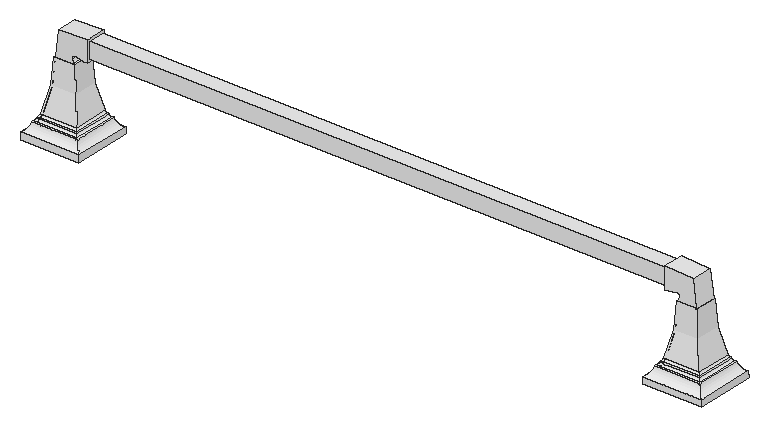
Revit family "Towel_Bar-American_Standard-TS_Series-74550XX", category Specialty Equipment, host Face, Revit 2019
Family settings
  Host = Face
  Round Connector Dimension = Use Diameter
  Part Type = Normal
  OmniClass Number = 23.40.20.21.27
  OmniClass Title = Towel Bars
  Cut with Voids When Loaded = No
  Shared = Yes
  Room Calculation Point = No
Parameters (values of type "7455024.002")
  Width = 3 7/16"  # constant formula
  Warranty Information = "Limited lifetime warranty"  # constant formula
  URL = "https://www.americanstandard-us.com/"
  Type Comments = ""
  Revised Date = "02/26/2024"  # constant formula
  Product Page URL = "https://www.americanstandard-us.com/towel-bars/town-square-s-24-inch-towel-bar/chrome-7455024002"
  Product Documentation Link = "https://lixil.cdn.celum.cloud/168926_spec_7455018-024_Town_Square_S_accessories_towel_bars_original.pdf"
  Model = "7455024.002"
  Material = "Metal-American Standard-002-Polished Chrome"
  Manufacturer = "American Standard"  # constant formula
  Length = 26 1/4"
  Installation Type = "Wall Mounted"  # constant formula
  Height = 2 1/4"  # constant formula
  Finish = Metal-American Standard-002-Polished Chrome
  Description = "Town Square® S 24-Inch Towel Bar"
  Default Elevation = 48"  # constant formula
  Creation Date = "05/07/2018"  # constant formula
  Assembly Code = "C1030220"
Types (12): name | Product Page URL | Model | Material | Length | Finish | Description
  (no name) | "https://www.americanstandard-us.com/towel-bars/town-square-s-24-inch-towel-bar/chrome-7455024002" | "7455024.002" | "Metal-American Standard-002-Polished Chrome" | 26 1/4" | Metal-American Standard-002-Polished Chrome | "Town Square® S 24-Inch Towel Bar"
  7455018.002 | "https://www.americanstandard-us.com/towel-bars/town-square-s-18-inch-towel-bar/chrome-7455018002" | "7455018.002" | "Metal-American Standard-002-Polished Chrome" | 20 1/4" | Metal-American Standard-002-Polished Chrome | "Town Square® S 18-Inch Towel Bar"
  7455024.002 | "https://www.americanstandard-us.com/towel-bars/town-square-s-24-inch-towel-bar/chrome-7455024002" | "7455024.002" | "Metal-American Standard-002-Polished Chrome" | 26 1/4" | Metal-American Standard-002-Polished Chrome | "Town Square® S 24-Inch Towel Bar"
  7455024.295 | "https://www.americanstandard-us.com/towel-bars/town-square-s-24-inch-towel-bar/brushed-nickel-7455024295" | "7455024.295" | "Metal-American Standard-295-Brushed Nickel" | 26 1/4" | Metal-American Standard-295-Brushed Nickel | "Town Square® S 24-Inch Towel Bar"
  7455024.243 | "https://www.americanstandard-us.com/towel-bars/town-square-s-24-inch-towel-bar/matte-black-7455024243" | "7455024.243" | "Metal-American Standard-243-Matte Black" | 26 1/4" | Metal-American Standard-243-Matte Black | "Town Square® S 24-Inch Towel Bar"
  7455024.GN0 | "https://www.americanstandard-us.com/towel-bars/town-square-s-24-inch-towel-bar/grohe-brushed-cool-sunrise-7455024gn0" | "7455024.GN0" | "Metal-American Standard-GN0-Brushed Cool Sunrise" | 26 1/4" | Metal-American Standard-GN0-Brushed Cool Sunrise | "Town Square® S 24-Inch Towel Bar"
  7455024.013 | "https://www.americanstandard-us.com/towel-bars/town-square-s-24-inch-towel-bar/polished-nickel-7455024013" | "7455024.013" | "Metal-American Standard-013-Polished Nickel" | 26 1/4" | Metal-American Standard-013-Polished Nickel | "Town Square® S 24-Inch Towel Bar"
  7455018.243 | "https://www.americanstandard-us.com/towel-bars/town-square-s-18-inch-towel-bar/matte-black-7455018243" | "7455018.243" | "Metal-American Standard-243-Matte Black" | 20 1/4" | Metal-American Standard-243-Matte Black | "Town Square® S 18-Inch Towel Bar"
  7455018.GN0 | "https://www.americanstandard-us.com/towel-bars/town-square-s-18-inch-towel-bar/grohe-brushed-cool-sunrise-7455018gn0" | "7455018.GN0" | "Metal-American Standard-GN0-Brushed Cool Sunrise" | 20 1/4" | Metal-American Standard-GN0-Brushed Cool Sunrise | "Town Square® S 18-Inch Towel Bar"
  7455018.013 | "https://www.americanstandard-us.com/towel-bars/town-square-s-18-inch-towel-bar/polished-nickel-7455018013" | "7455018.013" | "Metal-American Standard-013-Polished Nickel" | 20 1/4" | Metal-American Standard-013-Polished Nickel | "Town Square® S 18-Inch Towel Bar"
  7455018.295 | "https://www.americanstandard-us.com/towel-bars/town-square-s-18-inch-towel-bar/brushed-nickel-7455018295" | "7455018.295" | "Metal-American Standard-295-Brushed Nickel" | 20 1/4" | Metal-American Standard-295-Brushed Nickel | "Town Square® S 18-Inch Towel Bar"
  7455018.278 | "https://www.americanstandard-us.com/towel-bars/town-square-s-18-inch-towel-bar/legacy-bronze-7455018278" | "7455018.278" | "Metal-American Standard-278-Legacy Bronze" | 20 1/4" | Metal-American Standard-278-Legacy Bronze | "Town Square® S 18-Inch Towel Bar"
Reference planes (in)
  plane 1 "Center (Front/Back)": y = 0
  plane 2: z = 0
  plane 3 "Center (Left/Right)": x = 0
  plane 4: y = 1.125
  plane 5: y = -1.125
  plane 6: x = -13.125
  plane 7: z = 3.4375
  plane 8: y = -0.3125
  plane 9: y = 0.3125
  plane 10: x = 13.125
  plane 11: z = 3.7375
  plane 12: z = 3.125
  plane 13: x = -12
  plane 14: x = 12
  plane 15: x = -10.875
  plane 16: x = 10.875
  plane 17: x = 11.13567
  plane 18: x = -11.13031
Forms (in)
  Extrusion 1, solid, material "Metal-American Standard-002-Polished Chrome" <- "Finish"
    sketch origin (0, 0, 0) x (1, 0, 0) y (0, 1, 0)
      loop
        line (11.13567, 0.3125) -> (-11.13031, 0.3125) -> (-11.13031, -0.3125) -> (11.13567, -0.3125) -> (11.13567, 0.3125)
    from 3.125 to 3.7375
  Sweep 2, solid, material "Metal-American Standard-002-Polished Chrome" <- "Finish"
    path origin (-0.01562, 0, 0) x (1, 0, 0) y (0, 0, 1)
      loop
        line (11.15129, 3.43125) -> (12, 3.43125) -> (12, 2.79743)
    profile origin (11.56002, 0, 3.43125) x (0, 0, 1) y (0, -1, 0)
      loop
        line (0.43125, 0.38739) -> (-0.4625, 0.38739) -> (-0.4625, -0.39103) -> (0.43125, -0.39103) -> (0.43125, 0.38739)
  Sweep 3, solid, material "Metal-American Standard-002-Polished Chrome" <- "Finish"
    path origin (0.02099, 0, 0) x (-1, 0, 0) y (0, 0, 1)
      loop
        line (11.15129, 3.43125) -> (12, 3.43125) -> (12, 2.79743)
    profile origin (-11.55466, 0, 3.43125) x (0, 0, -1) y (0, -1, 0)
      loop
        line (-0.43125, 0.38739) -> (-0.43125, -0.39103) -> (0.4625, -0.39103) -> (0.4625, 0.38739) -> (-0.43125, 0.38739)
  Sweep 4, solid, material "Metal-American Standard-002-Polished Chrome" <- "Finish"
    path origin (0, 0, 0) x (1, 0, 0) y (0, 1, 0)
      loop
        line (-13.125, 1.125) -> (-13.125, -1.125) -> (-10.875, -1.125) -> (-10.875, 1.125) -> (-13.125, 1.125)
    profile origin (-12, 1.125, 0) x (0, 1, 0) y (0, 0, 1)
      loop
        line (-0.16444, 0) -> (0, 0) -> (0, 0.25)
        arc (0, 0.25) -> (-0.16077, 0.38802) -> (-0.24972, 0.58034) r 0.49863
        arc (-0.24972, 0.58034) -> (-0.26706, 0.60819) -> (-0.29801, 0.61906) r 0.04947
        arc (-0.29801, 0.61906) -> (-0.33901, 0.65191) -> (-0.35889, 0.70054) r 0.10468
        arc (-0.35889, 0.70054) -> (-0.36552, 0.72808) -> (-0.3776, 0.7537) r 0.13916
        arc (-0.3776, 0.7537) -> (-0.41929, 0.79484) -> (-0.44006, 0.8496) r 0.13745
        arc (-0.44006, 0.8496) -> (-0.64837, 1.81341) -> (-0.71204, 2.79743) r 6.65793
        line (-0.71204, 2.79743) -> (-0.75613, 2.79743)
        arc (-0.75613, 2.79743) -> (-0.62387, 1.36411) -> (-0.16444, 0) r 6.19579
  Sweep 5, solid, material "Metal-American Standard-002-Polished Chrome" <- "Finish"
    path origin (24.02344, 0.00241, 0) x (1, 0, 0) y (0, 1, 0)
      loop
        line (-13.14844, 1.12259) -> (-13.14844, -1.12741) -> (-10.89844, -1.12741) -> (-10.89844, 1.12259) -> (-13.14844, 1.12259)
    profile origin (12, 1.125, 0) x (0, 1, 0) y (0, 0, 1)
      loop
        line (-0.16444, 0) -> (0, 0) -> (0, 0.25)
        arc (0, 0.25) -> (-0.16077, 0.38802) -> (-0.24972, 0.58034) r 0.49863
        arc (-0.24972, 0.58034) -> (-0.26706, 0.60819) -> (-0.29801, 0.61906) r 0.04947
        arc (-0.29801, 0.61906) -> (-0.33901, 0.65191) -> (-0.35889, 0.70054) r 0.10468
        arc (-0.35889, 0.70054) -> (-0.36552, 0.72808) -> (-0.3776, 0.7537) r 0.13916
        arc (-0.3776, 0.7537) -> (-0.41929, 0.79484) -> (-0.44006, 0.8496) r 0.13745
        arc (-0.44006, 0.8496) -> (-0.64837, 1.81341) -> (-0.71204, 2.79743) r 6.65793
        line (-0.71204, 2.79743) -> (-0.75613, 2.79743)
        arc (-0.75613, 2.79743) -> (-0.62387, 1.36411) -> (-0.16444, 0) r 6.19579
  Extrusion 6, void
    sketch origin (-1.05602, 0, -0.96066) x (1, 0, 0) y (0, 0, 1)
      loop
        arc (12.75981, 3.94825) -> (12.73622, 4.0193) -> (12.66668, 4.04701) r 0.08873
        arc (12.66668, 4.04701) -> (12.49651, 4.02338) -> (12.33247, 3.97236) r 1.05172
        line (12.33247, 3.97236) -> (12.19169, 3.97236) -> (12.19169, 3.92941) -> (12.57789, 3.92941) -> (12.57789, 3.75809) -> (12.66434, 3.75809) -> (12.70171, 3.79486)
        arc (12.70171, 3.79486) -> (12.73997, 3.86807) -> (12.75981, 3.94825) r 0.3464
    from -0.39103 to 0.38739
  Extrusion 7, void
    sketch origin (1.06138, 0, -0.96066) x (-1, 0, 0) y (0, 0, -1)
      loop
        arc (12.75981, -3.94825) -> (12.73997, -3.86807) -> (12.70171, -3.79486) r 0.3464
        line (12.70171, -3.79486) -> (12.66434, -3.75809) -> (12.57789, -3.75809) -> (12.57789, -3.92941) -> (12.19169, -3.92941) -> (12.19169, -3.97236) -> (12.33247, -3.97236)
        arc (12.33247, -3.97236) -> (12.49651, -4.02338) -> (12.66668, -4.04701) r 1.05172
        arc (12.66668, -4.04701) -> (12.73622, -4.0193) -> (12.75981, -3.94825) r 0.08873
    from -0.39103 to 0.38739
  Extrusion 8, void
    sketch origin (0, 0, 0) x (1, 0, 0) y (0, 0, 1)
      loop
        line (11.13567, 3.8625) -> (11.13567, 3.83004) -> (12.23275, 3.77254) -> (12.36887, 2.79743) -> (12.41563, 2.79743) -> (12.41563, 3.8625) -> (11.13567, 3.8625)
    from -0.39103 to 0.38739
  Extrusion 9, void
    sketch origin (0.00536, 0, 0) x (-1, 0, 0) y (0, 0, -1)
      loop
        line (11.13567, -3.8625) -> (12.41563, -3.8625) -> (12.41563, -2.79743) -> (12.36887, -2.79743) -> (12.23275, -3.77254) -> (11.13567, -3.83004) -> (11.13567, -3.8625)
    from -0.39103 to 0.38739
Cuts and joins
  Extrusion 6, Extrusion 8 cuts Sweep 2
  Extrusion 7 cuts Sweep 5
  joined: Extrusion 1, Sweep 2, Sweep 4, Sweep 5
  Extrusion 7, Extrusion 9 cuts Sweep 3
Lines and regions (in)
  Masking region 1
    outline origin (0, 0, 0) x (1, 0, 0) y (0, 0, 1)
      loop
        spline (12.87466, 0.58316) -> (12.87217, 0.58878) -> (12.86932, 0.59404) -> (12.86613, 0.5989) -> (12.86264, 0.60331) -> (12.85887, 0.60723) -> (12.85487, 0.61063) -> (12.85066, 0.61347) -> (12.84628, 0.61573) -> (12.84178, 0.61739) -> (12.8372, 0.61843) -> (12.83257, 0.61885) -> (12.82795, 0.61864)
        arc (12.82795, 0.61864) -> (12.7863, 0.65149) -> (12.76611, 0.70054) r 0.10468
        arc (12.76611, 0.70054) -> (12.75948, 0.72808) -> (12.7474, 0.7537) r 0.13916
        arc (12.7474, 0.7537) -> (12.70571, 0.79484) -> (12.68494, 0.8496) r 0.13745
        arc (12.68494, 0.8496) -> (12.47663, 1.81341) -> (12.41296, 2.79743) r 6.65793
        line (12.41296, 2.79743) -> (11.58704, 2.79743)
        arc (11.58704, 2.79743) -> (11.52337, 1.81341) -> (11.31506, 0.8496) r 6.65793
        arc (11.31506, 0.8496) -> (11.29429, 0.79484) -> (11.2526, 0.7537) r 0.13745
        arc (11.2526, 0.7537) -> (11.24052, 0.72808) -> (11.23389, 0.70054) r 0.13916
        arc (11.23389, 0.70054) -> (11.21401, 0.65191) -> (11.17301, 0.61906) r 0.10468
        arc (11.17301, 0.61906) -> (11.14206, 0.60819) -> (11.12472, 0.58034) r 0.04947
        arc (11.12472, 0.58034) -> (11.03577, 0.38802) -> (10.875, 0.25) r 0.49863
        line (10.875, 0.25) -> (10.875, 0) -> (13.125, 0) -> (13.125, 0.25)
        arc (13.125, 0.25) -> (12.96336, 0.38917) -> (12.87466, 0.58316) r 0.49863
      loop
        line (-10.875, 0) -> (-10.875, 0.25)
        arc (-10.875, 0.25) -> (-11.03664, 0.38917) -> (-11.12534, 0.58316) r 0.49863
        spline (-11.12534, 0.58316) -> (-11.12783, 0.58878) -> (-11.13068, 0.59404) -> (-11.13387, 0.5989) -> (-11.13736, 0.60331) -> (-11.14113, 0.60723) -> (-11.14513, 0.61063) -> (-11.14934, 0.61347) -> (-11.15372, 0.61573) -> (-11.15822, 0.61739) -> (-11.1628, 0.61843) -> (-11.16743, 0.61885) -> (-11.17205, 0.61864)
        arc (-11.17205, 0.61864) -> (-11.2137, 0.65149) -> (-11.23389, 0.70054) r 0.10468
        arc (-11.23389, 0.70054) -> (-11.24052, 0.72808) -> (-11.2526, 0.7537) r 0.13916
        arc (-11.2526, 0.7537) -> (-11.29429, 0.79484) -> (-11.31506, 0.8496) r 0.13745
        arc (-11.31506, 0.8496) -> (-11.52337, 1.81341) -> (-11.58704, 2.79743) r 6.65793
        line (-11.58704, 2.79743) -> (-12.41296, 2.79743)
        arc (-12.41296, 2.79743) -> (-12.47663, 1.81341) -> (-12.68494, 0.8496) r 6.65793
        arc (-12.68494, 0.8496) -> (-12.70571, 0.79484) -> (-12.7474, 0.7537) r 0.13745
        arc (-12.7474, 0.7537) -> (-12.75948, 0.72808) -> (-12.76611, 0.70054) r 0.13916
        arc (-12.76611, 0.70054) -> (-12.78631, 0.65149) -> (-12.82795, 0.61864) r 0.10468
        spline (-12.82795, 0.61864) -> (-12.83264, 0.61885) -> (-12.83731, 0.61844) -> (-12.84193, 0.61741) -> (-12.84646, 0.61576) -> (-12.85084, 0.61352) -> (-12.85505, 0.6107) -> (-12.85904, 0.60733) -> (-12.86279, 0.60345) -> (-12.86624, 0.59907) -> (-12.86938, 0.59425) -> (-12.87218, 0.58902) -> (-12.8746, 0.58344)
        arc (-12.8746, 0.58344) -> (-12.96327, 0.38929) -> (-13.125, 0.25) r 0.49863
        line (-13.125, 0.25) -> (-13.125, 0) -> (-10.875, 0)
  Masking region 2
    outline origin (0, 0, 0) x (1, 0, 0) y (0, 0, 1)
      loop
        line (11.13567, 3.7375) -> (-11.13031, 3.7375) -> (-11.13031, 3.83004) -> (-12.22738, 3.77254) -> (-12.36351, 2.79743) -> (-11.60296, 2.79743) -> (-11.64033, 2.8342)
        arc (-11.64033, 2.8342) -> (-11.67859, 2.90741) -> (-11.69842, 2.98759) r 0.3464
        arc (-11.69842, 2.98759) -> (-11.67483, 3.05864) -> (-11.60529, 3.08635) r 0.08873
        arc (-11.60529, 3.08635) -> (-11.43513, 3.06272) -> (-11.27109, 3.0117) r 1.05172
        line (-11.27109, 3.0117) -> (-11.13031, 3.0117) -> (-11.13031, 3.125) -> (11.13567, 3.125) -> (11.13567, 3.0117) -> (11.27645, 3.0117)
        arc (11.27645, 3.0117) -> (11.4405, 3.06272) -> (11.61066, 3.08635) r 1.05172
        arc (11.61066, 3.08635) -> (11.6802, 3.05864) -> (11.70379, 2.98759) r 0.08873
        arc (11.70379, 2.98759) -> (11.68395, 2.90741) -> (11.64569, 2.8342) r 0.3464
        line (11.64569, 2.8342) -> (11.60832, 2.79743) -> (12.36887, 2.79743) -> (12.23275, 3.77254) -> (11.13567, 3.83004) -> (11.13567, 3.7375)
  symbolic lines, detail levels medium+fine
    curve 1: line (11.13567, 0, 3.0117) -> (11.13567, 0, 3.7375)
    curve 3: line (-11.13031, 0, 3.7375) -> (-11.13031, 0, 3.125)
  symbolic lines
    curve 2: line (11.58704, 0, 2.79743) -> (12.41296, 0, 2.79743)
    curve 4: line (-12.36351, 0, 2.79743) -> (-11.60296, 0, 2.79743)
  symbolic lines, detail levels fine
    curve 5: line (12.68494, 0, 0.8496) -> (11.31506, 0, 0.8496)
    curve 6: line (12.7474, 0, 0.7537) -> (11.2526, 0, 0.7537)
    curve 7: line (12.82699, 0, 0.61906) -> (11.17301, 0, 0.61906)
    curve 8: line (13.125, 0, 0.25) -> (10.875, 0, 0.25)
    curve 9: line (-11.31506, 0, 0.8496) -> (-12.68494, 0, 0.8496)
    curve 10: line (-11.2526, 0, 0.7537) -> (-12.7474, 0, 0.7537)
    curve 11: line (-11.17301, 0, 0.61906) -> (-12.82699, 0, 0.61906)
    curve 12: line (-10.875, 0, 0.25) -> (-13.125, 0, 0.25)
Dimensions and locks (in)
  equal spacing: plane 6, plane 3 "Center (Left/Right)", plane 10
  "Length": plane 6 to plane 10
  "Height": plane 4 to plane 5
  "Width": plane 7 to plane 2
  plane 9 to plane 1 "Center (Front/Back)" to plane 8 = 5/16", 5/16"
  host face to plane 7 = 3 7/16"
  plane 5 to plane 4 = 2 1/4"
  equal spacing: plane 4, plane 1 "Center (Front/Back)", plane 5
  plane 12 to plane 7 to plane 11 = 5/16", 0.3"
  plane 11 to plane 12 = 0.6125"
  plane 12 to plane 11 = 0.6125"
  plane 6 to plane 13 to plane 18 to plane 15 = 1 1/8" locked, 0.86969" locked, 0.25531" locked
  plane 16 to plane 17 to plane 14 to plane 10 = 0.26067" locked, 0.86433" locked, 1 1/8" locked
  aligned and locked: plane 2 to host face
  aligned and locked: level to host face
  aligned and locked: plane 4 to Sweep 4 sketch curve
  aligned and locked: plane 6 to Sweep 4 sketch curve
  aligned and locked: Sweep 4 sketch curve to plane 5
  aligned and locked: Sweep 4 sketch curve to plane 15
  aligned and locked: plane 16 to Sweep 5 sketch curve
  aligned and locked: plane 10 to Sweep 5 sketch curve
  aligned and locked: Sweep 5 sketch curve to plane 5
  aligned and locked: plane 4 to Sweep 5 sketch curve
  aligned and locked: Extrusion 7 to Sweep 3  (x4)
  aligned and locked: Extrusion 8 sketch curve to plane 17
  aligned and locked: Extrusion 8 to Sweep 2  (x2)
  aligned and locked: Extrusion 9 to cut or joined group of Sweep 3, Extrusion 7, Extrusion 9  (x2)
  aligned and locked: Masking region 1 sketch curve to cut or joined group of Extrusion 1, Sweep 2, Sweep 4, Sweep 5, Extrusion 6, Extrusion 7, Extrusion 8  (x23)
  aligned and locked: Masking region 1 sketch curve to plane 10
  aligned and locked: host face to Masking region 1 sketch curve  (x2)
  aligned and locked: plane 16 to Masking region 1 sketch curve
  aligned and locked: plane 15 to Masking region 1 sketch curve
  aligned and locked: plane 6 to Masking region 1 sketch curve
  aligned and locked: Masking region 2 sketch curve to cut or joined group of Extrusion 1, Sweep 2, Sweep 4, Sweep 5, Extrusion 6, Extrusion 7, Extrusion 8  (x9)
  aligned and locked: plane 17 to Masking region 2 sketch curve
  aligned and locked: Masking region 1 to Masking region 2 sketch curve  (x2)
  aligned and locked: Masking region 2 sketch curve to cut or joined group of Sweep 3, Extrusion 7, Extrusion 9  (x7)
  aligned and locked: cut or joined group of Sweep 3, Extrusion 7, Extrusion 9 to Masking region 2 sketch curve
  aligned and locked: plane 17 to curve 1
  aligned and locked: curve 2 to Masking region 2
  aligned and locked: cut or joined group of Sweep 3, Extrusion 7, Extrusion 9 to curve 3
  aligned and locked: curve 4 to Masking region 2
  aligned and locked: curve 5 to cut or joined group of Extrusion 1, Sweep 2, Sweep 4, Sweep 5, Extrusion 6, Extrusion 7, Extrusion 8
  aligned and locked: curve 6 to cut or joined group of Extrusion 1, Sweep 2, Sweep 4, Sweep 5, Extrusion 6, Extrusion 7, Extrusion 8
  aligned and locked: curve 7 to cut or joined group of Extrusion 1, Sweep 2, Sweep 4, Sweep 5, Extrusion 6, Extrusion 7, Extrusion 8
  aligned and locked: curve 8 to cut or joined group of Extrusion 1, Sweep 2, Sweep 4, Sweep 5, Extrusion 6, Extrusion 7, Extrusion 8
  aligned and locked: curve 9 to cut or joined group of Extrusion 1, Sweep 2, Sweep 4, Sweep 5, Extrusion 6, Extrusion 7, Extrusion 8
  aligned and locked: curve 10 to cut or joined group of Extrusion 1, Sweep 2, Sweep 4, Sweep 5, Extrusion 6, Extrusion 7, Extrusion 8
  aligned and locked: curve 11 to cut or joined group of Extrusion 1, Sweep 2, Sweep 4, Sweep 5, Extrusion 6, Extrusion 7, Extrusion 8
  aligned and locked: curve 12 to cut or joined group of Extrusion 1, Sweep 2, Sweep 4, Sweep 5, Extrusion 6, Extrusion 7, Extrusion 8
Automatic sketch dimensions
  host sketch curve to host sketch curve = 96"  (x2)
  plane 9 to Extrusion 1 sketch curve = 0"
  Extrusion 1 sketch curve to plane 18 = 0"
  plane 8 to Extrusion 1 sketch curve = 0"
  Extrusion 1 sketch curve to plane 17 = 0"
  Sweep 2 sketch curve to plane 17 = 0"
  plane 7 to Sweep 2 sketch curve = 0.00625"
  Sweep 2 sketch curve to plane 14 = 1/64"
  plane 12 to Sweep 2 sketch curve = 0.32757"
  profile plane to Sweep 2 sketch curve = 0.4625"
  Sweep 2 sketch curve to profile plane = 0.43125"
  Sweep 2 sketch curve to plane 1 "Center (Front/Back)" = 0.39103"
  plane 1 "Center (Front/Back)" to Sweep 2 sketch curve = 0.38739"
  Sweep 3 sketch curve to plane 18 = 0"
  Sweep 3 sketch curve to plane 7 = 0.00625"
  Sweep 3 sketch curve to plane 13 = 0.02099"
  Sweep 3 sketch curve to plane 12 = 0.32757"
  profile plane to Sweep 3 sketch curve = 0.43125"
  Sweep 3 sketch curve to profile plane = 0.4625"
  Sweep 3 sketch curve to plane 1 "Center (Front/Back)" = 0.39103"
  plane 1 "Center (Front/Back)" to Sweep 3 sketch curve = 0.38739"
  Sweep 4 sketch curve to level = 0"
  Sweep 4 sketch curve to profile plane = 0"
  profile plane to Sweep 4 sketch curve = 0.16444"
  profile plane to Sweep 4 sketch curve = 0.25516"
  Sweep 4 sketch curve to Sweep 4 sketch curve = 0.04285"
  Sweep 4 sketch curve to Sweep 4 sketch curve = 0.04895"
  Sweep 4 sketch curve to Sweep 4 sketch curve = 0.19879"
  profile plane to Sweep 4 sketch curve = 0.71204"
  Sweep 4 sketch curve to Sweep 4 sketch curve = 0.04408"
  Sweep 4 sketch curve to profile plane = 0.237"
  level to Sweep 4 sketch curve = 2.64622"
  Sweep 4 sketch curve to profile plane = 5.43782"
  Sweep 4 sketch curve to Sweep 4 sketch curve = 0.50777"
  Sweep 4 sketch curve to Sweep 4 sketch curve = 1/4"
  Sweep 4 sketch curve to Sweep 4 sketch curve = 0.31959"
  Sweep 4 sketch curve to Sweep 4 sketch curve = 0.11229"
  Sweep 4 sketch curve to Sweep 4 sketch curve = 0.43871"
  Sweep 4 sketch curve to Sweep 4 sketch curve = 0.13423"
  Sweep 4 sketch curve to Sweep 4 sketch curve = 0.15529"
  Sweep 4 sketch curve to Sweep 4 sketch curve = 0.08792"
  Sweep 4 sketch curve to Sweep 4 sketch curve = 0"  (x2)
  Sweep 4 sketch curve to Sweep 4 sketch curve = 0.01871"
  Sweep 5 sketch curve to level = 0"
  Sweep 5 sketch curve to profile plane = 0"
  profile plane to Sweep 5 sketch curve = 0.16444"
  profile plane to Sweep 5 sketch curve = 0.25516"
  Sweep 5 sketch curve to Sweep 5 sketch curve = 0.04285"
  Sweep 5 sketch curve to Sweep 5 sketch curve = 0.04895"
  Sweep 5 sketch curve to Sweep 5 sketch curve = 0.19879"
  profile plane to Sweep 5 sketch curve = 0.71204"
  Sweep 5 sketch curve to Sweep 5 sketch curve = 0.04408"
  Sweep 5 sketch curve to profile plane = 0.237"
  level to Sweep 5 sketch curve = 2.64622"
  Sweep 5 sketch curve to profile plane = 5.43782"
  Sweep 5 sketch curve to Sweep 5 sketch curve = 0.50777"
  Sweep 5 sketch curve to Sweep 5 sketch curve = 1/4"
  Sweep 5 sketch curve to Sweep 5 sketch curve = 0.31959"
  Sweep 5 sketch curve to Sweep 5 sketch curve = 0.11229"
  Sweep 5 sketch curve to Sweep 5 sketch curve = 0.43871"
  Sweep 5 sketch curve to Sweep 5 sketch curve = 0.13423"
  Sweep 5 sketch curve to Sweep 5 sketch curve = 0.15529"
  Sweep 5 sketch curve to Sweep 5 sketch curve = 0.08792"
  Sweep 5 sketch curve to Sweep 5 sketch curve = 0"  (x2)
  Sweep 5 sketch curve to Sweep 5 sketch curve = 0.01871"
  Extrusion 6 sketch curve to plane 17 = 0"
  plane 17 to Extrusion 6 sketch curve = 0.14078"
  Extrusion 6 sketch curve to Extrusion 6 sketch curve = 0.08355"
  Extrusion 6 sketch curve to Extrusion 6 sketch curve = 0.16187"
  Extrusion 6 sketch curve to Extrusion 6 sketch curve = 0.08645"
  Extrusion 6 sketch curve to Extrusion 6 sketch curve = 3/32"
  Extrusion 6 sketch curve to Extrusion 6 sketch curve = 0.03737"
  Extrusion 6 sketch curve to plane 14 = 0.33023"
  plane 12 to Extrusion 6 sketch curve = 1.0887"
  plane 12 to Extrusion 6 sketch curve = 0.32757"
  Extrusion 6 sketch curve to Extrusion 6 sketch curve = 0.03677"
  plane 12 to Extrusion 6 sketch curve = 5/32"
  Extrusion 6 sketch curve to Extrusion 6 sketch curve = 0.02902"
  Extrusion 6 sketch curve to Extrusion 6 sketch curve = 11/256"
  Extrusion 6 sketch curve to Extrusion 6 sketch curve = 0.0184"
  Extrusion 6 sketch curve to Extrusion 6 sketch curve = 0"
  Extrusion 7 sketch curve to plane 18 = 0"
  plane 18 to Extrusion 7 sketch curve = 0.14078"
  Extrusion 7 sketch curve to Extrusion 7 sketch curve = 0.08355"
  Extrusion 7 sketch curve to Extrusion 7 sketch curve = 0.16187"
  Extrusion 7 sketch curve to Extrusion 7 sketch curve = 0.08645"
  Extrusion 7 sketch curve to Extrusion 7 sketch curve = 3/32"
  Extrusion 7 sketch curve to Extrusion 7 sketch curve = 0.03737"
  Extrusion 7 sketch curve to plane 13 = 0.33559"
  Extrusion 7 sketch curve to plane 12 = 1.0887"
  Extrusion 7 sketch curve to plane 12 = 0.32757"
  Extrusion 7 sketch curve to Extrusion 7 sketch curve = 0.03677"
  Extrusion 7 sketch curve to plane 12 = 5/32"
  Extrusion 7 sketch curve to Extrusion 7 sketch curve = 0.02902"
  Extrusion 7 sketch curve to Extrusion 7 sketch curve = 11/256"
  Extrusion 7 sketch curve to Extrusion 7 sketch curve = 0.0184"
  Extrusion 7 sketch curve to Extrusion 7 sketch curve = 0"
  Extrusion 8 sketch curve to plane 11 = 0.03504"
  Extrusion 8 sketch curve to Extrusion 8 sketch curve = 0.18288"
  Extrusion 8 sketch curve to Extrusion 8 sketch curve = 0.04675"
  Extrusion 8 sketch curve to Extrusion 8 sketch curve = 0.03246"
  plane 15 to Extrusion 9 sketch curve = 0.25531"
  Extrusion 9 sketch curve to Extrusion 9 sketch curve = 1.09708"
  Extrusion 9 sketch curve to Extrusion 9 sketch curve = 0.13613"
  Extrusion 9 sketch curve to Extrusion 9 sketch curve = 0.18288"
  Extrusion 9 sketch curve to plane 11 = 0.94007"
  Extrusion 9 sketch curve to Extrusion 9 sketch curve = 0.97512"
  Extrusion 9 sketch curve to Extrusion 9 sketch curve = 0.0575"
  Extrusion 9 sketch curve to Extrusion 9 sketch curve = 0.03246"
  plane 14 to Extrusion 8 sketch curve = 0.23275"
  plane 12 to Extrusion 8 sketch curve = 0.32757"
  Extrusion 8 sketch curve to plane 11 = 0.09254"
  Masking region 1 sketch curve to Masking region 1 sketch curve = 0.04672"
  Masking region 1 sketch curve to Masking region 1 sketch curve = 0.00317"  (x2)
  Masking region 1 sketch curve to Masking region 1 sketch curve = 0.04214"
  Masking region 1 sketch curve to Masking region 1 sketch curve = 0.06184"
  plane 18 to Masking region 1 sketch curve = 0.00497"
  Masking region 1 sketch curve to plane 18 = 0.03717"
  Masking region 1 sketch curve to Masking region 1 sketch curve = 0.03354"
  Masking region 1 sketch curve to Masking region 1 sketch curve = 0.04199"
  Masking region 1 sketch curve to Masking region 1 sketch curve = 0.04342"
  Masking region 1 sketch curve to Masking region 1 sketch curve = 0.00467"
  Masking region 1 sketch curve to Masking region 1 sketch curve = 0.03383"
  Masking region 2 sketch curve to plane 18 = 0"
  Masking region 2 sketch curve to plane 17 = 0"
  curve 3 to plane 12 = 0"
  curve 3 to plane 11 = 0"
  curve 1 to plane 11 = 0"
  plane 13 to curve 4 = 0.39704"
  curve 4 to plane 13 = 0.36351"
  curve 2 to plane 14 = 0.41296"
  plane 14 to curve 2 = 0.41296"
  plane 12 to curve 1 = 29/256"
  plane 12 to curve 4 = 0.32757"
  plane 12 to curve 2 = 0.32757"
  plane 17 to curve 5 = 0.17939"
  plane 10 to curve 5 = 0.44006"
  curve 6 to curve 5 = 0.06246"
  curve 5 to curve 6 = 0.06246"
  plane 17 to curve 7 = 0.03734"
  curve 6 to curve 7 = 0.07959"
  curve 8 to plane 16 = 0"
  plane 10 to curve 8 = 0"
  plane 6 to curve 9 = 0.44006"
  curve 9 to plane 18 = 0.18476"
  curve 10 to curve 9 = 0.06246"
  curve 9 to curve 10 = 0.06246"
  curve 11 to curve 10 = 0.07959"
  curve 11 to plane 18 = 0.0427"
  curve 12 to plane 6 = 0"
  curve 12 to plane 15 = 0"
